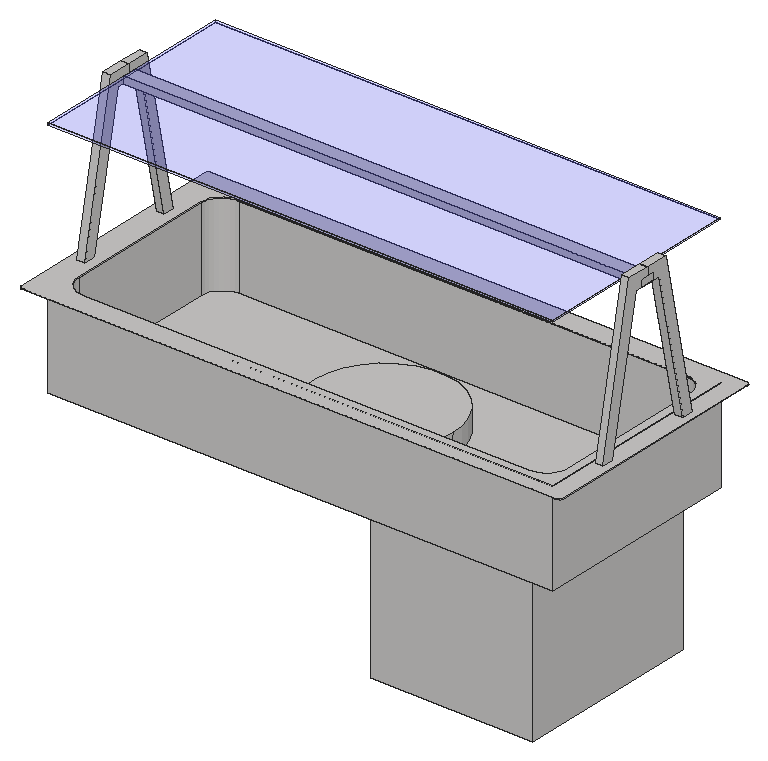
Revit family "QF_ELECTROLUXPROFESSIONAL_341176_D11C4O", category Attrezzature speciali, Revit 2020
Family settings
  Quota connettore circolare = Usa diametro
  Tipo di parte = Normale
  Basato su piano di lavoro = No
  Sempre verticale = Sì
  Taglio con vuoti quando caricato = No
  Condiviso = No
  Punto di calcolo locali = No
Parameters (values of type "Standard")
  Weight = 81.10 kg
  Watts = 570 W
  Volts = 220 V
  URL Manufacturer = "https://www.electroluxprofessional.com/"
  URL = "https://www.electroluxprofessional.com/"
  Steam Supply Size = 0 mm
  Steam Supply Minimum Pressure = 0.0 Pa
  Steam Supply Maximum Pressure = 0.0 Pa
  Steam Consumption per Hour = 0
  Refrigeration Suction Line Size = 0 mm
  Refrigeration Liquid Line Size = 0 mm
  Refrigerant Compressor Remote = yes
  Prospetto di default = 0 mm
  Produttore = "Electrolux Professional"
  Phase = 1
  Modello = "D11C4O"
  Length Actual = 1420 mm  # constant formula
  Item Number = "341176"
  Hot Water Size = 0 mm
  Height Actual = 999 mm  # constant formula
  HP = "0.8 HP"
  Gas Size = 0 mm
  Gas KW = 0
  Gas Input Pressure = 0 W
  Direct Waste Size = 0 mm
  Descrizione = "DROP-IN REFRIGERATED WELL, STATIC WITH FAN, 4GN WITH A TYPE OVERSHELF AND LED LIGHT"
  Depth Actual = 620 mm  # constant formula
  Cycle = 50 Hz
  Condensate Return Size = 0 mm
  Compressed Air Volume = 0.0 L/s
  Compressed Air Size = 0 mm
  Compressed Air Pressure = 0.0 Pa
  Cold Water Size = 0 mm
  Accessory = yes
Reference planes
  plane 1 "BACK": y = 0
  plane 2: z = 5.426
  plane 3 "LEFT": x = 0
  plane 4: y = -620
  plane 5: x = 1420
  plane 6: z = 409.426
  plane 7: y = -310
  plane 8: x = 710
Forms (mm)
  Extrusion 1, solid, material "QF_Finishes_Stainless Steel"
    sketch origin (0, 0, 5.426) x (1, 0, 0) y (0, 1, 0)
      loop
        arc (10, 0) -> (2.929, -2.929) -> (0, -10) r 10
        line (0, -10) -> (0, -610)
        arc (0, -610) -> (2.929, -617.071) -> (10, -620) r 10
        line (10, -620) -> (1410, -620)
        arc (1410, -620) -> (1417.071, -617.071) -> (1420, -610) r 10
        line (1420, -610) -> (1420, -10)
        arc (1420, -10) -> (1417.071, -2.929) -> (1410, 0) r 10
        line (1410, 0) -> (10, 0)
    from 0 to 1
  Extrusion 2, solid, material "QF_Finishes_Stainless Steel"
    sketch origin (0, 0, 12.548) x (1, 0, 0) y (0, 1, 0)
      loop
        line (50, -35) -> (50, -585) -> (1370, -585) -> (1370, -35) -> (50, -35)
    from -251.122 to -7.122
  Extrusion 3, void
    sketch origin (0, 0, -2.817) x (1, 0, 0) y (0, 1, 0)
      loop
        arc (125, -55) -> (86.109, -71.109) -> (70, -110) r 55
        line (70, -110) -> (70, -510)
        arc (70, -510) -> (86.109, -548.891) -> (125, -565) r 55
        line (125, -565) -> (1295, -565)
        arc (1295, -565) -> (1333.891, -548.891) -> (1350, -510) r 55
        line (1350, -510) -> (1350, -110)
        arc (1350, -110) -> (1333.891, -71.109) -> (1295, -55) r 55
        line (1295, -55) -> (125, -55)
    from -209.107 to 9.244
  Extrusion 4, solid, material "QF_Finishes_Stainless Steel"
    sketch origin (21.5, -620, 0) x (0, -1, 0) y (0, 0, -1)
      loop
        line (-310, -409.426) -> (-250.873, -409.426) -> (-165, -5.426) -> (-195, -5.426) -> (-272.583, -370.426) -> (-310, -370.426) -> (-310, -409.426)
    from 0 to 20
  Extrusion 5, solid, material "QF_Finishes_Stainless Steel"
    sketch origin (21.5, 0, 0) x (0, 1, 0) y (0, 0, 1)
      loop
        line (-310, 409.426) -> (-310, 370.426) -> (-272.583, 370.426) -> (-195, 5.426) -> (-165, 5.426) -> (-250.873, 409.426) -> (-310, 409.426)
    from 0 to 20
  Extrusion 6, solid, material "QF_Finishes_Stainless Steel"
    sketch origin (1398.5, -620, 0) x (0, -1, 0) y (0, 0, 1)
      loop
        line (-310, 409.426) -> (-310, 370.426) -> (-272.583, 370.426) -> (-195, 5.426) -> (-165, 5.426) -> (-250.873, 409.426) -> (-310, 409.426)
    from 0 to 20
  Extrusion 7, solid, material "QF_Finishes_Stainless Steel"
    sketch origin (1398.5, 0, 0) x (0, 1, 0) y (0, 0, -1)
      loop
        line (-310, -409.426) -> (-250.873, -409.426) -> (-165, -5.426) -> (-195, -5.426) -> (-272.583, -370.426) -> (-310, -370.426) -> (-310, -409.426)
    from 0 to 20
  Extrusion 8, solid, material "QF_Finishes_Stainless Steel"
    sketch origin (0, 0, 0) x (0, 1, 0) y (0, 0, 1)
      loop
        line (-291.292, 370.426) -> (-291.292, 387.956) -> (-328.917, 387.956) -> (-328.917, 370.426) -> (-291.292, 370.426)
    from 21.5 to 1398.5
  Extrusion 9, solid, material "Vetro"
    sketch origin (0, 0, 5.426) x (1, 0, 0) y (0, 1, 0)
      loop
        line (50, -35) -> (50, -585) -> (1370, -585) -> (1370, -35) -> (50, -35)
    from 382.529 to 387.529
  Extrusion 10, solid, material "QF_Finishes_Stainless Steel"
    sketch origin (329.693, -341.308, -643.387) x (0, 0, -1) y (0, 1, 0)
      loop
        circle (-372.814, -140.692) r 12.7
    from 5 to 70.307
  Extrusion 11, solid, material "QF_Finishes_Stainless Steel"
    sketch origin (0, 0, 5.426) x (1, 0, 0) y (0, 1, 0)
      loop
        circle (386.025, -481.971) r 12.675
    from -276 to -244
  Extrusion 12, solid, material "QF_Finishes_Stainless Steel"
    sketch origin (1725.693, 0, 22.375) x (-1, 0, 0) y (0, -1, 0)
      loop
        circle (1015.693, 310) r 180
    from -234.299 to -181.299
  Extrusion 13, solid, material "QF_Finishes_Stainless Steel"
    sketch origin (299.8, 0, 0.351) x (0, 1, 0) y (0, 0, 1)
      loop
        line (-161.185, -238.924) -> (-461.185, -238.924) -> (-461.185, -268.924) -> (-161.185, -268.924) -> (-161.185, -238.924)
    from 247.74 to 572.66
  Extrusion 14, solid, material "QF_Finishes_Stainless Steel"
    sketch origin (1542.74, 95, -362.649) x (0, 1, 0) y (0, 0, -1)
      loop
        line (-161.185, -124.076) -> (-161.185, 268.924) -> (-651.185, 268.924) -> (-651.185, -124.076) -> (-161.185, -124.076)
    from 247.74 to 670.28
Cuts and joins
  Extrusion 3 cuts Extrusion 1
  Extrusion 3 cuts Extrusion 2
Dimensions and locks
  equal spacing: Extrusion 1, Extrusion 2 sketch curve, Extrusion 2 sketch curve, Extrusion 1  (x2)
  Extrusion 1 to Extrusion 1 = 1420 mm
  Extrusion 1 to plane 1 "BACK" = 620 mm
  equal spacing: Extrusion 2, Extrusion 3 sketch curve, Extrusion 3 sketch curve, Extrusion 2  (x2)
  plane 6 to plane 2 = 404 mm
  equal spacing: plane 3 "LEFT", plane 8, plane 5
  Extrusion 5 to plane 8 to Extrusion 7 = 668.5 mm, 668.5 mm
  aligned and locked: level to plane 2
Automatic sketch dimensions
  Extrusion 1 sketch curve to plane 3 "LEFT" = 0 mm
  plane 4 to Extrusion 1 sketch curve = 0 mm
  plane 1 "BACK" to Extrusion 1 sketch curve = 0 mm
  Extrusion 1 sketch curve to plane 5 = 0 mm
  plane 3 "LEFT" to Extrusion 1 sketch curve = 10 mm  (x2)
  plane 5 to Extrusion 1 sketch curve = 10 mm  (x2)
  plane 3 "LEFT" to Extrusion 2 sketch curve = 50 mm
  plane 5 to Extrusion 2 sketch curve = 50 mm
  Extrusion 2 sketch curve to plane 4 = 35 mm
  plane 1 "BACK" to Extrusion 2 sketch curve = 35 mm
  plane 3 "LEFT" to Extrusion 3 sketch curve = 70 mm
  Extrusion 3 sketch curve to Extrusion 3 sketch curve = 55 mm  (x3)
  Extrusion 3 sketch curve to plane 4 = 55 mm
  plane 5 to Extrusion 3 sketch curve = 125 mm  (x2)
  plane 1 "BACK" to Extrusion 3 sketch curve = 110 mm
  Extrusion 4 sketch curve to plane 7 = 0 mm
  plane 6 to Extrusion 4 sketch curve = 0 mm
  Extrusion 4 sketch curve to level = 0 mm
  Extrusion 4 sketch curve to Extrusion 4 sketch curve = 37.417 mm
  Extrusion 4 sketch curve to Extrusion 4 sketch curve = 21.71 mm
  plane 7 to Extrusion 4 sketch curve = 115 mm
  Extrusion 4 sketch curve to Extrusion 4 sketch curve = 30 mm
  Extrusion 4 sketch curve to Extrusion 4 sketch curve = 39 mm
  Extrusion 5 sketch curve to plane 7 = 0 mm
  plane 6 to Extrusion 5 sketch curve = 0 mm
  Extrusion 5 sketch curve to level = 0 mm
  Extrusion 5 sketch curve to Extrusion 5 sketch curve = 37.417 mm
  Extrusion 5 sketch curve to Extrusion 5 sketch curve = 21.71 mm
  plane 7 to Extrusion 5 sketch curve = 115 mm
  Extrusion 5 sketch curve to Extrusion 5 sketch curve = 30 mm
  Extrusion 5 sketch curve to Extrusion 5 sketch curve = 39 mm
  Extrusion 6 sketch curve to plane 7 = 0 mm
  plane 6 to Extrusion 6 sketch curve = 0 mm
  Extrusion 6 sketch curve to level = 0 mm
  Extrusion 6 sketch curve to Extrusion 6 sketch curve = 37.417 mm
  Extrusion 6 sketch curve to Extrusion 6 sketch curve = 21.71 mm
  Extrusion 6 sketch curve to plane 7 = 115 mm
  Extrusion 6 sketch curve to Extrusion 6 sketch curve = 30 mm
  Extrusion 6 sketch curve to Extrusion 6 sketch curve = 39 mm
  Extrusion 7 sketch curve to plane 7 = 0 mm
  plane 6 to Extrusion 7 sketch curve = 0 mm
  Extrusion 7 sketch curve to level = 0 mm
  Extrusion 7 sketch curve to Extrusion 7 sketch curve = 37.417 mm
  Extrusion 7 sketch curve to Extrusion 7 sketch curve = 21.71 mm
  plane 7 to Extrusion 7 sketch curve = 115 mm
  Extrusion 7 sketch curve to Extrusion 7 sketch curve = 30 mm
  Extrusion 7 sketch curve to Extrusion 7 sketch curve = 39 mm
  Extrusion 8 sketch curve to plane 7 = 18.917 mm
  plane 7 to Extrusion 8 sketch curve = 18.708 mm
  plane 6 to Extrusion 8 sketch curve = 39 mm
  Extrusion 8 sketch curve to Extrusion 8 sketch curve = 17.529 mm
  plane 3 "LEFT" to Extrusion 9 sketch curve = 50 mm
  plane 5 to Extrusion 9 sketch curve = 50 mm
  Extrusion 9 sketch curve to plane 4 = 35 mm
  plane 1 "BACK" to Extrusion 9 sketch curve = 35 mm
  Extrusion 10 sketch curve to level = 276 mm
  Extrusion 10 sketch curve to plane 4 = 138 mm
  Extrusion 11 sketch curve to plane 4 = 138.029 mm
  Extrusion 11 sketch curve to plane 8 = 323.975 mm
  Extrusion 12 sketch curve to plane 7 = 0 mm
  Extrusion 12 sketch curve to plane 8 = 0 mm
  Extrusion 13 sketch curve to plane 7 = 151.185 mm
  plane 7 to Extrusion 13 sketch curve = 148.815 mm
  Extrusion 13 sketch curve to level = 274 mm
  Extrusion 13 sketch curve to Extrusion 13 sketch curve = 30 mm
  Extrusion 14 sketch curve to plane 7 = 246.185 mm
  plane 7 to Extrusion 14 sketch curve = 243.815 mm
  Extrusion 14 sketch curve to level = 244 mm
  Extrusion 14 sketch curve to Extrusion 14 sketch curve = 393 mm
  radius of Extrusion 10 sketch curve = 12.7 mm
  radius of Extrusion 11 sketch curve = 12.675 mm
  radius of Extrusion 12 sketch curve = 180 mm
Connectors
  piping at (334.693, -482, -270.574), diameter 25.4
    settings: on Extrusion 10, index 5, connector inside diameter 609.6 mm, connector length 0 mm, flow factor 0, pipe flow 0.0 L/s, pressure drop 0.0 Pa, fitting loss kfactor 0, connector angle 0.00°, fixture units 0, engagement length 0 mm, angle of deflection 0.00°, flow configuration 0, flow direction 0, fitting loss method 0, system type 29, joint type 0, gender type 0, connector reference index -1, connector utility 0, adjustable connector no, is connector primary yes, connector description "D"
